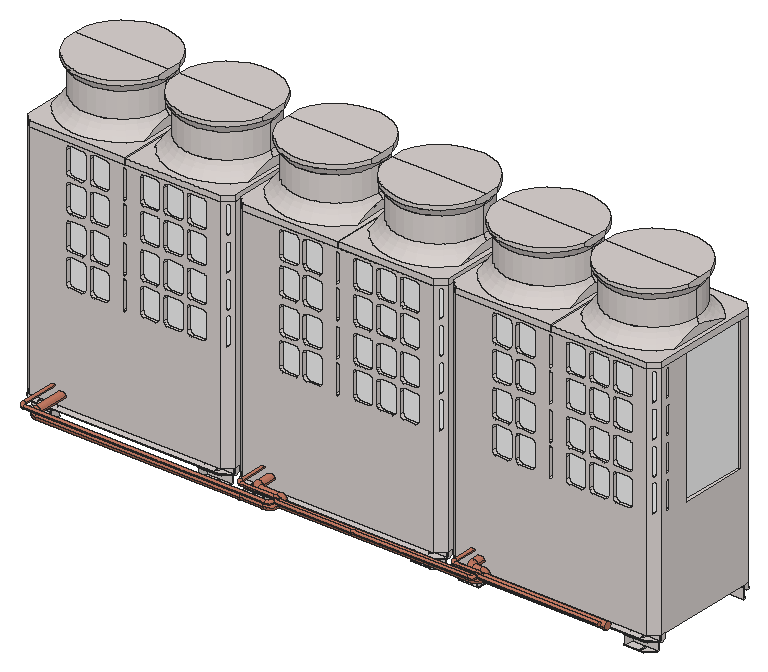
Revit family "PUHY-P1100YSNW-A1", category 機械設備, Revit 2016 (continued)
Definition of nested family "PUHY-P350YNW-A1"
  Dimensions and locks
    Extrusion 21 sketch curve to Extrusion 21 sketch curve = 170.800 mm
    plane 3 "Center (Left/Right)" to cut or joined group 1 (Extrusion 1, Extrusion 2, Extrusion 3, Extrusion 4, Extrusion 5, Extrusion 6, Extrusion 7, Extrusion 8, Extrusion 9, Extrusion 10, Extrusion 11, Extrusion 12, Extrusion 13, Extrusion 14, Extrusion 15, Extrusion 16, Extrusion 17, Extrusion 18, Extrusion 19, Extrusion 20, Extrusion 21, Extrusion 22, Extrusion 23, Extrusion 24, Extrusion 25, Extrusion 26, Extrusion 27, Extrusion 28, Extrusion 29, Extrusion 30, Extrusion 31, Extrusion 32, Extrusion 33) = 620.000 mm
    cut or joined group 1 to plane 3 "Center (Left/Right)" = 620.000 mm
    Extrusion 1 sketch curve to Extrusion 1 sketch curve = 1240.000 mm
    cut or joined group 1 to plane 8 = 185.000 mm
    cut or joined group 1 to plane 7 = 166.000 mm
    cut or joined group 1 to plane 6 = 110.000 mm
    cut or joined group 1 to plane 12 to cut or joined group 1 = 805.000 mm, 621.000 mm
    plane 5 to plane 2 = 1858.000 mm  (x2)
    cut or joined group 1 to plane 19 "132" = 132.000 mm
    cut or joined group 1 to plane 22 = 207.000 mm
    cut or joined group 1 to plane 23 = 256.000 mm
    cut or joined group 1 to plane 6 = 60.000 mm
    cut or joined group 1 to cut or joined group 1 = 42.154 mm
    cut or joined group 1 to cut or joined group 1 = 11.895 mm
    nested 1 to nested 3 to level = 1798.000 mm, 60.000 mm
    nested 1 to nested 1 = 303.000 mm
    nested 1 to nested 3 = 1495.000 mm
    nested 8 to nested 8 to nested 8 to nested 7 to nested 7 to nested 7 = 54.000 mm, 20.000 mm, 592.000 mm, 20.000 mm, 54.000 mm
    nested 3 to nested 3 = 56.000 mm
    plane 11 to plane 31 to plane 32 to cut or joined group 1 = 90.000 mm, 1060.000 mm, 90.000 mm
    curve 103 to nested 7 = 90.000 mm
    curve 104 to nested 7 = 125.000 mm
    curve 101 to nested 7 = 100.000 mm
    curve 11 to curve 13 to nested 7 = 84.000 mm, 71.000 mm
    cut or joined group 1 to curve 12 to curve 14 = 125.000 mm, 148.000 mm
    nested 2 to nested 7 = 1495.000 mm
    curve 87 to cut or joined group 1 = 152.000 mm
    curve 88 to cut or joined group 1 = 172.000 mm
    curve 89 to cut or joined group 1 = 216.000 mm
    cut or joined group 1 to curve 4 to curve 2 = 128.000 mm, 150.000 mm
    cut or joined group 1 to curve 1 to curve 3 = 79.000 mm, 94.000 mm
    Extrusion 32 sketch curve to nested 7 = 116.000 mm
    cut or joined group 1 to Extrusion 32 sketch curve = 160.000 mm
    cut or joined group 1 to Extrusion 33 sketch curve = 243.000 mm
    Extrusion 33 sketch curve to nested 7 = 116.000 mm
    cut or joined group 1 to cut or joined group 1 = 740.000 mm
    plane 30 to plane 4 = 740.000 mm
    aligned and locked: level to plane 2
    aligned and locked: Extrusion 1 to plane 4
  Nested families
    nested 1: "FAN GUARD" at (-311.5, 2, 860), type "FAN GUARD"
      with WIDTH 870.000 mm
    nested 2: "FAN GUARD" at (311.5, 2, 860) x (-1, 0, 0) z (0, 0, 1), type "FAN GUARD"
      with WIDTH 870.000 mm
    nested 3: "ATTACHMENT LEG" at (-524, -349, 0), type "ATTACHMENT LEG"
    nested 4: "ATTACHMENT LEG" at (-524, 349, 0), type "ATTACHMENT LEG"
    nested 5: "ATTACHMENT LEG" at (524, -349, 0) x (-1, 0, 0) z (0, 0, 1), type "ATTACHMENT LEG"
    nested 6: "ATTACHMENT LEG" at (524, 349, 0) x (-1, 0, 0) z (0, 0, 1), type "ATTACHMENT LEG"
    nested 7: "BASE LEG_L_" at (0, -352, 60), type "BASE LEG_L_"
      with Width 1240.000 mm
    nested 8: "BASE LEG_L_" at (0, 352, 60), type "BASE LEG_L_"
      with Width 1240.000 mm
  Connectors
    piping at (-460, -191, 176), diameter 25.4, driven by "Liquid pipe_radius"
      settings: on cut or joined group 1, index 3, connector inside diameter 25.4 mm, connector length 0.000 mm, flow factor 0, pipe flow 0.0 L/s, pressure drop 0.0 Pa, fitting loss kfactor 0, connector angle 0.00°, fixture units 0, engagement length 0.000 mm, angle of deflection 0.00°, flow configuration 0, flow direction 0, fitting loss method 0, system type 22, joint type 0, gender type 0, connector reference index -1, connector utility 0, adjustable connector no, is connector primary yes, connector description "Refrigerant service valve<Liquid pipe>"
    piping at (-377, -191, 176), diameter 28.58, driven by "Gas pipe_radius"
      settings: on cut or joined group 1, index 4, connector inside diameter 28.58 mm, connector length 0.000 mm, flow factor 0, pipe flow 0.0 L/s, pressure drop 0.0 Pa, fitting loss kfactor 0, connector angle 0.00°, fixture units 0, engagement length 0.000 mm, angle of deflection 0.00°, flow configuration 0, flow direction 0, fitting loss method 0, system type 22, joint type 0, gender type 0, connector reference index -1, connector utility 0, adjustable connector no, is connector primary no, connector description "Refrigerant service valve<Gas>"
    electrical at (0, -370, 808)
      settings: on cut or joined group 1, index 5, voltage 0 V, apparent load 0 VA, apparent load phase1 0 VA, apparent load phase2 0 VA, apparent load phase3 0 VA, power factor 1, load classification none, number of poles 1, system type 30, power factor state 1, is connector primary yes, connector utility no, sub classification motor no, connector description ""
  Definition of nested family "FAN GUARD"
    Parameters
      WIDTH [instance] = 870.000 mm
    Reference planes
      plane 1 "中心(正面/背面)": y = -2
      plane 2: z = 0
      plane 3 "ファンガード基準面": z = 661
      plane 4: y = 368
      plane 5: x = 366
      plane 6: x = -375
      plane 7 "ファンガード基準上面": z = 695
      plane 8 "ファンガード上面": z = 998
      plane 9: x = -273.971
      plane 10: x = 308.5
      plane 11: x = -308.5
      plane 12: x = 0
    Forms (mm)
      Extrusion 1, solid
        sketch origin (85, 0, 661) x (-1, 0, 0) y (0, -1, 0)
          loop
            line (343.5, -368) -> (393.5, -318) -> (393.5, 322) -> (343.5, 372) -> (-223.5, 372) -> (-223.5, -368) -> (343.5, -368)
        from 0 to 34
      Revolve 2, solid
        sketch origin (0, -2, 0) x (1, 0, 0) y (0, 0, 1)
          loop
            line (0, 695) -> (0, 998) -> (-290, 998) -> (-290, 972.327) -> (-260, 928.372) -> (-260, 777.384)
            arc (-260, 777.384) -> (-290.651, 730.137) -> (-334.665, 695) r 175.882
            line (-334.665, 695) -> (0, 695)
          axis (0, 998) -> (0, 695)
        angle from 0 to 360
      Extrusion 3, void
        sketch origin (-840, 75, 695) x (-1, 0, 0) y (0, -1, 0)
          loop
            line (-410, -165) -> (-410, 315) -> (-561.253, 315) -> (-561.253, -165) -> (-410, -165)
        from -35 to 430.592
      Extrusion 4, void
        sketch origin (840, 75, 695) x (1, 0, 0) y (0, 1, 0)
          loop
            line (-410, 165) -> (-561.253, 165) -> (-561.253, -315) -> (-410, -315) -> (-410, 165)
        from 0 to 430.592
    Cuts and joins
      Extrusion 3, Extrusion 4 cuts Revolve 2
      Extrusion 4 cuts Extrusion 1
    Lines and regions (mm)
      model lines
        curve 1: line (-278.747, 0, 998) -> (-80, 0, 998)
        curve 2: line (80, 0, 998) -> (278.747, 0, 998)
        curve 3: circle (0, 0, 998) r 80 normal (0, 0, 1)
        curve 4: line (-278.747, -80, 998) -> (278.747, -80, 998)
        curve 5: line (-241.868, -160, 998) -> (241.868, -160, 998)
        curve 6: line (-162.788, -240, 998) -> (162.788, -240, 998)
        curve 7: line (-278.747, 80, 998) -> (278.747, 80, 998)
        curve 8: line (-241.868, 160, 998) -> (240, 160, 998)
        curve 9: line (-160, 240, 998) -> (162.788, 240, 998)
        curve 10: line (0, 290, 998) -> (0, -290, 998)
        curve 11: line (-20, 289.31, 998) -> (-20, -289.31, 998)
        curve 12: line (-40, 287.228, 998) -> (-40, -287.228, 998)
        curve 13: line (-60, 283.725, 998) -> (-60, -283.725, 998)
        curve 14: line (-80, 278.747, 998) -> (-80, -278.747, 998)
        curve 15: line (20, 289.31, 998) -> (20, -289.31, 998)
        curve 16: line (40, 287.228, 998) -> (40, -287.228, 998)
        curve 17: line (60, 283.725, 998) -> (60, -283.725, 998)
        curve 18: line (80, 278.747, 998) -> (80, -278.747, 998)
        curve 19: line (100, 272.213, 998) -> (100, -272.213, 998)
        curve 20: line (120, 264.008, 998) -> (120, -264.008, 998)
        curve 21: line (140, 253.969, 998) -> (140, -253.969, 998)
        curve 22: line (160, 241.868, 998) -> (160, -243.132, 998)
        curve 23: line (180, 227.376, 998) -> (180, -227.624, 998)
        curve 24: line (200, 210, 998) -> (200, -210, 998)
        curve 25: line (220, 188.944, 998) -> (220, -188.944, 998)
        curve 26: line (240, 160, 998) -> (240, -162.788, 998)
        curve 27: line (260, 128.452, 998) -> (260, -128.452, 998)
        curve 28: line (-100, 272.213, 998) -> (-100, -272.213, 998)
        curve 29: line (-120, 264.008, 998) -> (-120, -264.008, 998)
        curve 30: line (-140, 253.969, 998) -> (-140, -253.969, 998)
        curve 31: line (-160, 240, 998) -> (-160, -241.868, 998)
        curve 32: line (-180, 227.376, 998) -> (-180, -227.376, 998)
        curve 33: line (-200, 210, 998) -> (-200, -210, 998)
        curve 34: line (-220, 188.944, 998) -> (-220, -188.944, 998)
        curve 35: line (-240, 162.788, 998) -> (-240, -162.788, 998)
        curve 36: line (-260, 128.452, 998) -> (-260, -128.452, 998)
        curve 37: line (10, 79.373, 998) -> (10, -79.373, 998)
        curve 38: line (-10, 79.373, 998) -> (-10, -79.373, 998)
        curve 39: line (30, 74.162, 998) -> (30, -74.162, 998)
        curve 40: line (50, 62.45, 998) -> (50, -62.45, 998)
        curve 41: line (70, 38.73, 998) -> (70, -38.73, 998)
        curve 42: line (-30, 74.162, 998) -> (-30, -74.162, 998)
        curve 43: line (-50, 62.45, 998) -> (-50, -62.45, 998)
        curve 44: line (-70, 38.73, 998) -> (-70, -38.73, 998)
    Dimensions and locks
      locked: plane 8 "ファンガード上面" to plane 7 "ファンガード基準上面" at 303
      plane 8 "ファンガード上面" to plane 3 "ファンガード基準面" = 337.000 mm
      Revolve 2 sketch curve to Revolve 2 sketch curve = 290.000 mm
      Extrusion 1 sketch curve to Extrusion 1 sketch curve = 740.000 mm
      equal spacing: Extrusion 1 sketch curve, plane 1 "中心(正面/背面)", Extrusion 1 sketch curve
      plane 6 to plane 5 = 741.000 mm
      Extrusion 1 sketch curve to Extrusion 1 sketch curve = 617.000 mm
      plane 11 to plane 10 = 617.000 mm
      cut or joined group of Extrusion 1, Extrusion 4 to cut or joined group of Extrusion 1, Extrusion 4 = 617.000 mm
      cut or joined group of Extrusion 1, Extrusion 4 to cut or joined group of Extrusion 1, Extrusion 4 = 740.000 mm
      aligned and locked: level to plane 2
      aligned and locked: plane 7 "ファンガード基準上面" to Extrusion 1
      aligned and locked: plane 3 "ファンガード基準面" to Extrusion 1
      aligned and locked: cut or joined group of Revolve 2, Extrusion 3, Extrusion 4 to plane 8 "ファンガード上面"
  Definition of nested family "ATTACHMENT LEG"
    Parameters
      Width = 145.000 mm
    Reference planes
      plane 1: z = 0
      plane 2 "中心(左/右)": x = -6
      plane 3: x = -52
      plane 4: x = 85
      plane 5: x = 93
      plane 6: y = -21
      plane 7: y = 27
      plane 8: x = -30
      plane 9: y = 39
      plane 10: z = 60
      plane 11: z = 57
      plane 12: z = 3
      plane 13: x = 82
      plane 14: y = 36
      plane 15: x = -75
      plane 16: y = 31
      plane 17 "幅": x = 93
      plane 18: y = 2.5
      plane 19: y = 21
      plane 20: y = -10
    Forms (mm)
      Extrusion 1, solid
        sketch origin (0, -1, 0) x (1, 0, 0) y (0, 1, 0)
          loop
            line (-75, 36) -> (-75, 27) -> (-28, -20) -> (93, -20) -> (93, 32) -> (85, 32) -> (85, 36) -> (-75, 36)
        from 0 to 60
      Extrusion 2, void
        sketch origin (0, -3, 0) x (1, 0, 0) y (0, 0, 1)
          loop
            line (-75, 57) -> (-75, 3) -> (82, 3) -> (82, 57) -> (-75, 57)
          loop
            line (93, 57) -> (85, 57) -> (85, 3) -> (93, 3) -> (93, 57)
        from -35 to 18
      Extrusion 3, void
        sketch origin (-6, 5.5, 0) x (1, 0, 0) y (0, 1, 0)
          loop
            arc (-7, -8.5) -> (0, -15.5) -> (7, -8.5) r 7
            line (7, -8.5) -> (7, 8.5)
            arc (7, 8.5) -> (0, 15.5) -> (-7, 8.5) r 7
            line (-7, 8.5) -> (-7, -8.5)
        from 0 to 60
    Cuts and joins
      Extrusion 2, Extrusion 3 cuts Extrusion 1
    Dimensions and locks
      locked: plane 3 to plane 4 at 137
      locked: plane 3 to plane 5 at 145
      plane 6 to plane 7 = 48.000 mm
      locked: plane 10 to level at 60
      Extrusion 3 sketch curve to plane 2 "中心(左/右)" = 7.000 mm
      locked: plane 15 to plane 2 "中心(左/右)" at 69
      locked: plane 15 to plane 8 at 45
      locked: plane 6 to plane 18 at 23.5
      cut or joined group of Extrusion 1, Extrusion 2, Extrusion 3 to cut or joined group of Extrusion 1, Extrusion 2, Extrusion 3 = 168.000 mm
      cut or joined group of Extrusion 1, Extrusion 2, Extrusion 3 to cut or joined group of Extrusion 1, Extrusion 2, Extrusion 3 = 56.000 mm  (x2)
      plane 14 to plane 6 = 57.000 mm
      aligned and locked: level to plane 1
      aligned and locked: Extrusion 1 sketch curve to plane 4
      aligned and locked: Extrusion 1 sketch curve to plane 5
      aligned: plane 8 to Extrusion 1 sketch curve
      aligned and locked: plane 10 to Extrusion 1
      aligned and locked: Extrusion 2 sketch curve to plane 11
      aligned: plane 3 to Extrusion 2 sketch curve
      aligned and locked: plane 12 to Extrusion 2 sketch curve
      aligned and locked: Extrusion 2 sketch curve to plane 13
      aligned and locked: plane 6 to Extrusion 2
      aligned and locked: plane 11 to Extrusion 2 sketch curve
      aligned and locked: plane 5 to Extrusion 2 sketch curve
      aligned and locked: Extrusion 2 sketch curve to plane 12
      aligned and locked: Extrusion 2 sketch curve to plane 4
      aligned and locked: plane 15 to Extrusion 1 sketch curve
      aligned and locked: Extrusion 2 sketch curve to cut or joined group of Extrusion 1, Extrusion 2, Extrusion 3
      aligned and locked: Extrusion 1 to plane 16
  Definition of nested family "BASE LEG_L_"
    Parameters
      Width [instance] = 1240.000 mm
    Reference planes
      plane 1 "中心(正面/背面)": y = 0
      plane 2: z = 0
      plane 3 "中心(左/右)": x = 0
      plane 4: x = 620
      plane 5: x = -620
      plane 6: x = -530
      plane 7: x = 530
      plane 8: y = -18
      plane 9: y = 39
      plane 10: z = 53
      plane 11: y = 42
      plane 12: y = 27
      plane 13: x = 575
      plane 14: x = -575
      plane 15: z = 8
      plane 16: y = 11.5
      plane 17: z = 35
    Forms (mm)
      Extrusion 1, solid
        sketch origin (0, 0, 0) x (0, 1, 0) y (0, 0, 1)
          loop
            line (-18, 0) -> (36, 0) -> (36, 32) -> (56, 32) -> (56, 35) -> (33, 35) -> (33, 3) -> (-18, 3) -> (-18, 0)
        from -620 to 620
      Extrusion 2, void
        sketch origin (0, 0, 0) x (1, 0, 0) y (0, 1, 0)
          loop
            line (575, -18) -> (620, -18) -> (620, 27) -> (575, -18)
          loop
            line (-575, -18) -> (-620, 27) -> (-620, -18) -> (-575, -18)
        from 0 to 250
      Extrusion 3, void
        sketch origin (0, 12.023, 0) x (1, 0, 0) y (0, 1, 0)
          loop
            arc (523, -2.971) -> (530, -9.971) -> (537, -2.971) r 7
            line (537, -2.971) -> (537, 3.023)
            arc (537, 3.023) -> (530, 10.023) -> (523, 3.023) r 7
            line (523, 3.023) -> (523, -2.971)
          loop
            line (-523, -2.971) -> (-523, 3.023)
            arc (-523, 3.023) -> (-530, 10.023) -> (-537, 3.023) r 7
            line (-537, 3.023) -> (-537, -2.971)
            arc (-537, -2.971) -> (-530, -9.971) -> (-523, -2.971) r 7
        from 0 to 250
      Extrusion 4, solid
        sketch origin (0, 0, -3) x (1, 0, 0) y (0, 0, 1)
          loop
            line (617, 8) -> (620, 8) -> (620, 35) -> (617, 35) -> (617, 8)
          loop
            line (-617, 8) -> (-617, 35) -> (-620, 35) -> (-620, 8) -> (-617, 8)
        from -36 to -56
      Extrusion 5, solid
        sketch origin (150, 352, 0) x (1, 0, 0) y (0, 1, 0)
          loop
            line (460, -319) -> (455, -319) -> (455, -320) -> (405, -370) -> (410, -370) -> (460, -320) -> (460, -319)
        from 3 to 35
      Extrusion 6, void
        sketch origin (560, -18, 0) x (0.707107, 0.707107, 0) y (0, 0, 1)
          loop
            line (70.711, 3) -> (-6.741, 39.767) -> (-6.741, 3) -> (70.711, 3)
        from -190.256 to 23.776
      Extrusion 7, solid
        sketch origin (-150, 352, 0) x (-1, 0, 0) y (0, -1, 0)
          loop
            line (460, 319) -> (460, 320) -> (410, 370) -> (405, 370) -> (455, 320) -> (455, 319) -> (460, 319)
        from 3 to 35
      Extrusion 8, void
        sketch origin (-560, -18, 0) x (0.707107, -0.707107, 0) y (0, 0, -1)
          loop
            line (-70.711, -3) -> (0, -35) -> (6.741, -35) -> (6.741, -3) -> (-70.711, -3)
        from -190.256 to 23.776
    Cuts and joins
      Extrusion 2, Extrusion 3 cuts Extrusion 1
      joined: Extrusion 1, Extrusion 4
      Extrusion 8 cuts Extrusion 7
      Extrusion 6 cuts Extrusion 5
    Dimensions and locks
      "Width": plane 5 to plane 4
      equal spacing: plane 5, plane 3 "中心(左/右)", plane 4
      locked: plane 5 to plane 6 at 90
      locked: plane 7 to plane 4 at 90
      locked: plane 8 to plane 9 at 57
      locked: plane 10 to level at 53
      locked: plane 9 to plane 11 at 3
      plane 8 to plane 12 = 45.000 mm
      locked: plane 13 to plane 4 at 45
      locked: plane 5 to plane 14 at 45
      equal spacing: Extrusion 3 sketch curve, plane 7, Extrusion 3 sketch curve
      equal spacing: Extrusion 3 sketch curve, plane 6, Extrusion 3 sketch curve
      locked: plane 10 to plane 15 at 45
      locked: cut or joined group of Extrusion 1, Extrusion 2, Extrusion 3, Extrusion 4 to Extrusion 4 sketch curve at 3  (x2)
      locked: plane 8 to plane 16 at 29.5
      plane 8 to plane 11 = 60.000 mm
      cut or joined group of Extrusion 1, Extrusion 2, Extrusion 3, Extrusion 4 to cut or joined group of Extrusion 1, Extrusion 2, Extrusion 3, Extrusion 4 = 35.000 mm
      aligned and locked: level to plane 2
      aligned and locked: plane 8 to Extrusion 1 sketch curve
      aligned and locked: plane 4 to Extrusion 1
      aligned and locked: Extrusion 1 to plane 5
      aligned and locked: Extrusion 2 sketch curve to plane 4
      aligned and locked: Extrusion 2 sketch curve to plane 8
      aligned and locked: plane 12 to Extrusion 2 sketch curve
      aligned and locked: plane 13 to Extrusion 2 sketch curve
      aligned and locked: plane 4 to Extrusion 4 sketch curve
      aligned and locked: plane 5 to Extrusion 4 sketch curve
      aligned and locked: cut or joined group of Extrusion 7, Extrusion 8 to cut or joined group of Extrusion 1, Extrusion 2, Extrusion 3, Extrusion 4
    Automatic sketch dimensions
      Extrusion 3 sketch curve to plane 1 "中心(正面/背面)" = 9.052 mm  (x2)
      Extrusion 3 sketch curve to plane 7 = 7.000 mm
      Extrusion 3 sketch curve to plane 1 "中心(正面/背面)" = 15.046 mm  (x2)
      Extrusion 3 sketch curve to plane 6 = 7.000 mm
      Extrusion 2 sketch curve to plane 5 = 0.000 mm
      plane 8 to Extrusion 2 sketch curve = 0.000 mm
      Extrusion 2 sketch curve to plane 14 = 0.000 mm
      plane 12 to Extrusion 2 sketch curve = 0.000 mm
      Extrusion 4 sketch curve to plane 10 = 21.000 mm
      plane 7 to Extrusion 5 sketch curve = 25.000 mm
      Extrusion 5 sketch curve to Extrusion 5 sketch curve = 5.000 mm  (x2)
      plane 7 to Extrusion 5 sketch curve = 75.000 mm
      plane 8 to Extrusion 5 sketch curve = 0.000 mm
      Extrusion 5 sketch curve to Extrusion 5 sketch curve = 50.000 mm
      Extrusion 5 sketch curve to Extrusion 5 sketch curve = 0.000 mm
      Extrusion 5 sketch curve to Extrusion 5 sketch curve = 1.000 mm
      Extrusion 6 sketch curve to Extrusion 5 = 0.000 mm  (x2)
      Extrusion 6 sketch curve to Extrusion 5 = 6.741 mm
      Extrusion 6 sketch curve to Extrusion 5 = 4.767 mm
      plane 6 to Extrusion 7 sketch curve = 25.000 mm
      Extrusion 7 sketch curve to Extrusion 7 sketch curve = 5.000 mm  (x2)
      Extrusion 7 sketch curve to Extrusion 7 sketch curve = 45.000 mm
      Extrusion 7 sketch curve to plane 8 = 0.000 mm
      Extrusion 7 sketch curve to Extrusion 7 sketch curve = 50.000 mm
      Extrusion 7 sketch curve to Extrusion 7 sketch curve = 0.000 mm
      Extrusion 7 sketch curve to Extrusion 7 sketch curve = 1.000 mm
      Extrusion 8 sketch curve to Extrusion 7 = 0.000 mm  (x2)
      Extrusion 7 to Extrusion 8 sketch curve = 0.000 mm  (x2)
      Extrusion 7 to Extrusion 8 sketch curve = 6.741 mm
      Extrusion 4 sketch curve to plane 17 = 3.000 mm
      Extrusion 4 sketch curve to plane 15 = 3.000 mm  (x2)
      Extrusion 1 sketch curve to plane 17 = 0.000 mm
      Extrusion 1 sketch curve to level = 0.000 mm
      level to Extrusion 1 sketch curve = 3.000 mm
      plane 9 to Extrusion 1 sketch curve = 6.000 mm
      plane 9 to Extrusion 1 sketch curve = 3.000 mm
      Extrusion 1 sketch curve to plane 17 = 3.000 mm
      Extrusion 1 sketch curve to plane 11 = 14.000 mm
Definition of nested family "PUHY-P400YNW-A1"
  Parameters
    Model = "PUHY-P400YNW-A"
    URL = "http://www.mitsubishielectric.com/"
    Manufacturer = "Mitsubishi Electric Corporation"
    Liquid pipe_radius = 12.700 mm
    Gas pipe_radius = 14.290 mm
  Reference planes
    plane 1 "Center (Front/Back)": y = 0
    plane 2: z = 0
    plane 3 "Center (Left/Right)": x = 0
    plane 4: y = 370
    plane 5: z = 1858
    plane 6: y = -260
    plane 7: y = -204
    plane 8: y = -185
    plane 9: x = -620
    plane 10: x = 620
    plane 11: x = -620
    plane 12: z = 716
    plane 13: x = -524
    plane 14: z = 669
    plane 15: x = -50.5
    plane 16: x = 51
    plane 17: x = 489
    plane 18: x = 467
    plane 19 "132": x = 488
    plane 20 "100": z = 160
    plane 21: z = 185
    plane 22: x = 413
    plane 23: x = 364
    plane 24: z = 150
    plane 25: x = -287.25
    plane 26: x = -137.25
    plane 27: x = -272.25
    plane 28: y = -278
    plane 29: z = 1509
    plane 30: y = -370
    plane 31: x = -530
    plane 32: x = 530
    plane 33 "179": y = -191
  Forms (mm)
    Extrusion 1, solid
      sketch origin (-1, 0, 113) x (-1, 0, 0) y (0, -1, 0)
        loop
          line (569, -370) -> (619, -320) -> (619, 320) -> (569, 370) -> (-571, 370) -> (-621, 320) -> (-621, -320) -> (-571, -370) -> (569, -370)
      from -18 to 1408
    Extrusion 2, void
      sketch origin (524, -370, 113) x (1, 0, 0) y (0, 0, -1)
        loop
          arc (-60.8, -1393.5) -> (-42.557, -1385.943) -> (-35, -1367.7) r 25.8
          line (-35, -1367.7) -> (-35, -1248.5)
          arc (-35, -1248.5) -> (-42.557, -1230.257) -> (-60.8, -1222.7) r 25.8
          line (-60.8, -1222.7) -> (-126, -1222.7)
          arc (-126, -1222.7) -> (-144.243, -1230.257) -> (-151.8, -1248.5) r 25.8
          line (-151.8, -1248.5) -> (-151.8, -1367.7)
          arc (-151.8, -1367.7) -> (-144.243, -1385.943) -> (-126, -1393.5) r 25.8
          line (-126, -1393.5) -> (-60.8, -1393.5)
      from 0 to 20
    Extrusion 3, void
      sketch origin (524, -370, -81) x (1, 0, 0) y (0, 0, -1)
        loop
          arc (-60.8, -1393.5) -> (-42.557, -1385.943) -> (-35, -1367.7) r 25.8
          line (-35, -1367.7) -> (-35, -1248.5)
          arc (-35, -1248.5) -> (-42.557, -1230.257) -> (-60.8, -1222.7) r 25.8
          line (-60.8, -1222.7) -> (-126, -1222.7)
          arc (-126, -1222.7) -> (-144.243, -1230.257) -> (-151.8, -1248.5) r 25.8
          line (-151.8, -1248.5) -> (-151.8, -1367.7)
          arc (-151.8, -1367.7) -> (-144.243, -1385.943) -> (-126, -1393.5) r 25.8
          line (-126, -1393.5) -> (-60.8, -1393.5)
      from 0 to 20
    Extrusion 4, void
      sketch origin (524, -370, -287) x (1, 0, 0) y (0, 0, -1)
        loop
          arc (-60.8, -1393.5) -> (-42.557, -1385.943) -> (-35, -1367.7) r 25.8
          line (-35, -1367.7) -> (-35, -1248.5)
          arc (-35, -1248.5) -> (-42.557, -1230.257) -> (-60.8, -1222.7) r 25.8
          line (-60.8, -1222.7) -> (-126, -1222.7)
          arc (-126, -1222.7) -> (-144.243, -1230.257) -> (-151.8, -1248.5) r 25.8
          line (-151.8, -1248.5) -> (-151.8, -1367.7)
          arc (-151.8, -1367.7) -> (-144.243, -1385.943) -> (-126, -1393.5) r 25.8
          line (-126, -1393.5) -> (-60.8, -1393.5)
      from 0 to 20
    Extrusion 5, void
      sketch origin (524, -370, -481) x (1, 0, 0) y (0, 0, -1)
        loop
          arc (-60.8, -1393.5) -> (-42.557, -1385.943) -> (-35, -1367.7) r 25.8
          line (-35, -1367.7) -> (-35, -1248.5)
          arc (-35, -1248.5) -> (-42.557, -1230.257) -> (-60.8, -1222.7) r 25.8
          line (-60.8, -1222.7) -> (-126, -1222.7)
          arc (-126, -1222.7) -> (-144.243, -1230.257) -> (-151.8, -1248.5) r 25.8
          line (-151.8, -1248.5) -> (-151.8, -1367.7)
          arc (-151.8, -1367.7) -> (-144.243, -1385.943) -> (-126, -1393.5) r 25.8
          line (-126, -1393.5) -> (-60.8, -1393.5)
      from 0 to 20
    Extrusion 6, void
      sketch origin (384, -370, 113) x (1, 0, 0) y (0, 0, -1)
        loop
          arc (-60.8, -1393.5) -> (-42.557, -1385.943) -> (-35, -1367.7) r 25.8
          line (-35, -1367.7) -> (-35, -1248.5)
          arc (-35, -1248.5) -> (-42.557, -1230.257) -> (-60.8, -1222.7) r 25.8
          line (-60.8, -1222.7) -> (-126, -1222.7)
          arc (-126, -1222.7) -> (-144.243, -1230.257) -> (-151.8, -1248.5) r 25.8
          line (-151.8, -1248.5) -> (-151.8, -1367.7)
          arc (-151.8, -1367.7) -> (-144.243, -1385.943) -> (-126, -1393.5) r 25.8
          line (-126, -1393.5) -> (-60.8, -1393.5)
      from 0 to 20
    Extrusion 7, void
      sketch origin (384, -370, -81) x (1, 0, 0) y (0, 0, -1)
        loop
          arc (-60.8, -1393.5) -> (-42.557, -1385.943) -> (-35, -1367.7) r 25.8
          line (-35, -1367.7) -> (-35, -1248.5)
          arc (-35, -1248.5) -> (-42.557, -1230.257) -> (-60.8, -1222.7) r 25.8
          line (-60.8, -1222.7) -> (-126, -1222.7)
          arc (-126, -1222.7) -> (-144.243, -1230.257) -> (-151.8, -1248.5) r 25.8
          line (-151.8, -1248.5) -> (-151.8, -1367.7)
          arc (-151.8, -1367.7) -> (-144.243, -1385.943) -> (-126, -1393.5) r 25.8
          line (-126, -1393.5) -> (-60.8, -1393.5)
      from 0 to 20
    Extrusion 8, void
      sketch origin (384, -370, -287) x (1, 0, 0) y (0, 0, -1)
        loop
          arc (-60.8, -1393.5) -> (-42.557, -1385.943) -> (-35, -1367.7) r 25.8
          line (-35, -1367.7) -> (-35, -1248.5)
          arc (-35, -1248.5) -> (-42.557, -1230.257) -> (-60.8, -1222.7) r 25.8
          line (-60.8, -1222.7) -> (-126, -1222.7)
          arc (-126, -1222.7) -> (-144.243, -1230.257) -> (-151.8, -1248.5) r 25.8
          line (-151.8, -1248.5) -> (-151.8, -1367.7)
          arc (-151.8, -1367.7) -> (-144.243, -1385.943) -> (-126, -1393.5) r 25.8
          line (-126, -1393.5) -> (-60.8, -1393.5)
      from 0 to 20
    Extrusion 9, void
      sketch origin (384, -370, -481) x (1, 0, 0) y (0, 0, -1)
        loop
          arc (-60.8, -1393.5) -> (-42.557, -1385.943) -> (-35, -1367.7) r 25.8
          line (-35, -1367.7) -> (-35, -1248.5)
          arc (-35, -1248.5) -> (-42.557, -1230.257) -> (-60.8, -1222.7) r 25.8
          line (-60.8, -1222.7) -> (-126, -1222.7)
          arc (-126, -1222.7) -> (-144.243, -1230.257) -> (-151.8, -1248.5) r 25.8
          line (-151.8, -1248.5) -> (-151.8, -1367.7)
          arc (-151.8, -1367.7) -> (-144.243, -1385.943) -> (-126, -1393.5) r 25.8
          line (-126, -1393.5) -> (-60.8, -1393.5)
      from 0 to 20
    Extrusion 10, void
      sketch origin (244, -370, 113) x (1, 0, 0) y (0, 0, -1)
        loop
          arc (-60.8, -1393.5) -> (-42.557, -1385.943) -> (-35, -1367.7) r 25.8
          line (-35, -1367.7) -> (-35, -1248.5)
          arc (-35, -1248.5) -> (-42.557, -1230.257) -> (-60.8, -1222.7) r 25.8
          line (-60.8, -1222.7) -> (-126, -1222.7)
          arc (-126, -1222.7) -> (-144.243, -1230.257) -> (-151.8, -1248.5) r 25.8
          line (-151.8, -1248.5) -> (-151.8, -1367.7)
          arc (-151.8, -1367.7) -> (-144.243, -1385.943) -> (-126, -1393.5) r 25.8
          line (-126, -1393.5) -> (-60.8, -1393.5)
      from 0 to 20
    Extrusion 11, void
      sketch origin (244, -370, -81) x (1, 0, 0) y (0, 0, -1)
        loop
          arc (-60.8, -1393.5) -> (-42.557, -1385.943) -> (-35, -1367.7) r 25.8
          line (-35, -1367.7) -> (-35, -1248.5)
          arc (-35, -1248.5) -> (-42.557, -1230.257) -> (-60.8, -1222.7) r 25.8
          line (-60.8, -1222.7) -> (-126, -1222.7)
          arc (-126, -1222.7) -> (-144.243, -1230.257) -> (-151.8, -1248.5) r 25.8
          line (-151.8, -1248.5) -> (-151.8, -1367.7)
          arc (-151.8, -1367.7) -> (-144.243, -1385.943) -> (-126, -1393.5) r 25.8
          line (-126, -1393.5) -> (-60.8, -1393.5)
      from 0 to 20
    Extrusion 12, void
      sketch origin (244, -370, -287) x (1, 0, 0) y (0, 0, -1)
        loop
          arc (-60.8, -1393.5) -> (-42.557, -1385.943) -> (-35, -1367.7) r 25.8
          line (-35, -1367.7) -> (-35, -1248.5)
          arc (-35, -1248.5) -> (-42.557, -1230.257) -> (-60.8, -1222.7) r 25.8
          line (-60.8, -1222.7) -> (-126, -1222.7)
          arc (-126, -1222.7) -> (-144.243, -1230.257) -> (-151.8, -1248.5) r 25.8
          line (-151.8, -1248.5) -> (-151.8, -1367.7)
          arc (-151.8, -1367.7) -> (-144.243, -1385.943) -> (-126, -1393.5) r 25.8
          line (-126, -1393.5) -> (-60.8, -1393.5)
      from 0 to 20
    Extrusion 13, void
      sketch origin (244, -370, -481) x (1, 0, 0) y (0, 0, -1)
        loop
          arc (-60.8, -1393.5) -> (-42.557, -1385.943) -> (-35, -1367.7) r 25.8
          line (-35, -1367.7) -> (-35, -1248.5)
          arc (-35, -1248.5) -> (-42.557, -1230.257) -> (-60.8, -1222.7) r 25.8
          line (-60.8, -1222.7) -> (-126, -1222.7)
          arc (-126, -1222.7) -> (-144.243, -1230.257) -> (-151.8, -1248.5) r 25.8
          line (-151.8, -1248.5) -> (-151.8, -1367.7)
          arc (-151.8, -1367.7) -> (-144.243, -1385.943) -> (-126, -1393.5) r 25.8
          line (-126, -1393.5) -> (-60.8, -1393.5)
      from 0 to 20
    Extrusion 14, void
      sketch origin (-56, -370, 113) x (1, 0, 0) y (0, 0, -1)
        loop
          arc (-60.8, -1393.5) -> (-42.557, -1385.943) -> (-35, -1367.7) r 25.8
          line (-35, -1367.7) -> (-35, -1248.5)
          arc (-35, -1248.5) -> (-42.557, -1230.257) -> (-60.8, -1222.7) r 25.8
          line (-60.8, -1222.7) -> (-126, -1222.7)
          arc (-126, -1222.7) -> (-144.243, -1230.257) -> (-151.8, -1248.5) r 25.8
          line (-151.8, -1248.5) -> (-151.8, -1367.7)
          arc (-151.8, -1367.7) -> (-144.243, -1385.943) -> (-126, -1393.5) r 25.8
          line (-126, -1393.5) -> (-60.8, -1393.5)
      from 0 to 20
    Extrusion 15, void
      sketch origin (-56, -370, -81) x (1, 0, 0) y (0, 0, -1)
        loop
          arc (-60.8, -1393.5) -> (-42.557, -1385.943) -> (-35, -1367.7) r 25.8
          line (-35, -1367.7) -> (-35, -1248.5)
          arc (-35, -1248.5) -> (-42.557, -1230.257) -> (-60.8, -1222.7) r 25.8
          line (-60.8, -1222.7) -> (-126, -1222.7)
          arc (-126, -1222.7) -> (-144.243, -1230.257) -> (-151.8, -1248.5) r 25.8
          line (-151.8, -1248.5) -> (-151.8, -1367.7)
          arc (-151.8, -1367.7) -> (-144.243, -1385.943) -> (-126, -1393.5) r 25.8
          line (-126, -1393.5) -> (-60.8, -1393.5)
      from 0 to 20
    Extrusion 16, void
      sketch origin (-56, -370, -287) x (1, 0, 0) y (0, 0, -1)
        loop
          arc (-60.8, -1393.5) -> (-42.557, -1385.943) -> (-35, -1367.7) r 25.8
          line (-35, -1367.7) -> (-35, -1248.5)
          arc (-35, -1248.5) -> (-42.557, -1230.257) -> (-60.8, -1222.7) r 25.8
          line (-60.8, -1222.7) -> (-126, -1222.7)
          arc (-126, -1222.7) -> (-144.243, -1230.257) -> (-151.8, -1248.5) r 25.8
          line (-151.8, -1248.5) -> (-151.8, -1367.7)
          arc (-151.8, -1367.7) -> (-144.243, -1385.943) -> (-126, -1393.5) r 25.8
          line (-126, -1393.5) -> (-60.8, -1393.5)
      from 0 to 20
    Extrusion 17, void
      sketch origin (-56, -370, -481) x (1, 0, 0) y (0, 0, -1)
        loop
          arc (-60.8, -1393.5) -> (-42.557, -1385.943) -> (-35, -1367.7) r 25.8
          line (-35, -1367.7) -> (-35, -1248.5)
          arc (-35, -1248.5) -> (-42.557, -1230.257) -> (-60.8, -1222.7) r 25.8
          line (-60.8, -1222.7) -> (-126, -1222.7)
          arc (-126, -1222.7) -> (-144.243, -1230.257) -> (-151.8, -1248.5) r 25.8
          line (-151.8, -1248.5) -> (-151.8, -1367.7)
          arc (-151.8, -1367.7) -> (-144.243, -1385.943) -> (-126, -1393.5) r 25.8
          line (-126, -1393.5) -> (-60.8, -1393.5)
      from 0 to 20
    Extrusion 18, void
      sketch origin (-196, -370, 113) x (1, 0, 0) y (0, 0, -1)
        loop
          arc (-60.8, -1393.5) -> (-42.557, -1385.943) -> (-35, -1367.7) r 25.8
          line (-35, -1367.7) -> (-35, -1248.5)
          arc (-35, -1248.5) -> (-42.557, -1230.257) -> (-60.8, -1222.7) r 25.8
          line (-60.8, -1222.7) -> (-126, -1222.7)
          arc (-126, -1222.7) -> (-144.243, -1230.257) -> (-151.8, -1248.5) r 25.8
          line (-151.8, -1248.5) -> (-151.8, -1367.7)
          arc (-151.8, -1367.7) -> (-144.243, -1385.943) -> (-126, -1393.5) r 25.8
          line (-126, -1393.5) -> (-60.8, -1393.5)
      from 0 to 20
    Extrusion 19, void
      sketch origin (-196, -370, -81) x (1, 0, 0) y (0, 0, -1)
        loop
          arc (-60.8, -1393.5) -> (-42.557, -1385.943) -> (-35, -1367.7) r 25.8
          line (-35, -1367.7) -> (-35, -1248.5)
          arc (-35, -1248.5) -> (-42.557, -1230.257) -> (-60.8, -1222.7) r 25.8
          line (-60.8, -1222.7) -> (-126, -1222.7)
          arc (-126, -1222.7) -> (-144.243, -1230.257) -> (-151.8, -1248.5) r 25.8
          line (-151.8, -1248.5) -> (-151.8, -1367.7)
          arc (-151.8, -1367.7) -> (-144.243, -1385.943) -> (-126, -1393.5) r 25.8
          line (-126, -1393.5) -> (-60.8, -1393.5)
      from 0 to 20
    Extrusion 20, void
      sketch origin (-196, -370, -287) x (1, 0, 0) y (0, 0, -1)
        loop
          arc (-60.8, -1393.5) -> (-42.557, -1385.943) -> (-35, -1367.7) r 25.8
          line (-35, -1367.7) -> (-35, -1248.5)
          arc (-35, -1248.5) -> (-42.557, -1230.257) -> (-60.8, -1222.7) r 25.8
          line (-60.8, -1222.7) -> (-126, -1222.7)
          arc (-126, -1222.7) -> (-144.243, -1230.257) -> (-151.8, -1248.5) r 25.8
          line (-151.8, -1248.5) -> (-151.8, -1367.7)
          arc (-151.8, -1367.7) -> (-144.243, -1385.943) -> (-126, -1393.5) r 25.8
          line (-126, -1393.5) -> (-60.8, -1393.5)
      from 0 to 20
    Extrusion 21, void
      sketch origin (-196, -370, -481) x (1, 0, 0) y (0, 0, -1)
        loop
          arc (-60.8, -1393.5) -> (-42.557, -1385.943) -> (-35, -1367.7) r 25.8
          line (-35, -1367.7) -> (-35, -1248.5)
          arc (-35, -1248.5) -> (-42.557, -1230.257) -> (-60.8, -1222.7) r 25.8
          line (-60.8, -1222.7) -> (-126, -1222.7)
          arc (-126, -1222.7) -> (-144.243, -1230.257) -> (-151.8, -1248.5) r 25.8
          line (-151.8, -1248.5) -> (-151.8, -1367.7)
          arc (-151.8, -1367.7) -> (-144.243, -1385.943) -> (-126, -1393.5) r 25.8
          line (-126, -1393.5) -> (-60.8, -1393.5)
      from 0 to 20
    Extrusion 22, void
      sketch origin (620, 320, 113) x (0, 1, 0) y (0, 0, -1)
        loop
          line (-462.3, -1408) -> (-50.8, -1408) -> (-50.8, -612) -> (-462.3, -612) -> (-462.3, -1408)
      from 0 to 20
    Extrusion 23, void
      sketch origin (-620, -320, 113) x (0, -1, 0) y (0, 0, -1)
        loop
          line (-535.7, -1408) -> (-207.7, -1408) -> (-207.7, -592) -> (-535.7, -592) -> (-535.7, -1408)
      from 0 to 20
    Extrusion 24, void
      sketch origin (194.892, 370, 113) x (-1, 0, 0) y (0, 0, -1)
        loop
          arc (204.892, -1225.013) -> (194.892, -1215.013) -> (184.892, -1225.013) r 10
          line (184.892, -1225.013) -> (184.892, -1379.987)
          arc (184.892, -1379.987) -> (194.892, -1389.987) -> (204.892, -1379.987) r 10
          line (204.892, -1379.987) -> (204.892, -1225.013)
        loop
          arc (204.892, -1031.013) -> (194.892, -1021.013) -> (184.892, -1031.013) r 10
          line (184.892, -1031.013) -> (184.892, -1185.987)
          arc (184.892, -1185.987) -> (194.892, -1195.987) -> (204.892, -1185.987) r 10
          line (204.892, -1185.987) -> (204.892, -1031.013)
        loop
          arc (204.892, -825.013) -> (194.892, -815.013) -> (184.892, -825.013) r 10
          line (184.892, -825.013) -> (184.892, -979.987)
          arc (184.892, -979.987) -> (194.892, -989.987) -> (204.892, -979.987) r 10
          line (204.892, -979.987) -> (204.892, -825.013)
        loop
          arc (204.892, -631.013) -> (194.892, -621.013) -> (184.892, -631.013) r 10
          line (184.892, -631.013) -> (184.892, -785.987)
          arc (184.892, -785.987) -> (194.892, -795.987) -> (204.892, -785.987) r 10
          line (204.892, -785.987) -> (204.892, -631.013)
      from 0 to 20
    Extrusion 25, void
      sketch origin (-570, 370, 113) x (0.707107, 0.707107, 0) y (0, 0, 1)
        loop
          arc (-45.355, 1236) -> (-35.355, 1226) -> (-25.355, 1236) r 10
          line (-25.355, 1236) -> (-25.355, 1386)
          arc (-25.355, 1386) -> (-35.355, 1396) -> (-45.355, 1386) r 10
          line (-45.355, 1386) -> (-45.355, 1236)
        loop
          arc (-45.355, 1036) -> (-35.355, 1026) -> (-25.355, 1036) r 10
          line (-25.355, 1036) -> (-25.355, 1186)
          arc (-25.355, 1186) -> (-35.355, 1196) -> (-45.355, 1186) r 10
          line (-45.355, 1186) -> (-45.355, 1036)
        loop
          arc (-45.355, 836) -> (-35.355, 826) -> (-25.355, 836) r 10
          line (-25.355, 836) -> (-25.355, 986)
          arc (-25.355, 986) -> (-35.355, 996) -> (-45.355, 986) r 10
          line (-45.355, 986) -> (-45.355, 836)
        loop
          arc (-45.355, 641) -> (-35.355, 631) -> (-25.355, 641) r 10
          line (-25.355, 641) -> (-25.355, 791)
          arc (-25.355, 791) -> (-35.355, 801) -> (-45.355, 791) r 10
          line (-45.355, 791) -> (-45.355, 641)
      from 0 to 20
    Extrusion 26, void
      sketch origin (-620, -320, 113) x (0, -1, 0) y (0, 0, -1)
        loop
          line (-607.846, -1035.895) -> (-607.846, -1186.105)
          arc (-607.846, -1186.105) -> (-597.846, -1196.105) -> (-587.846, -1186.105) r 10
          line (-587.846, -1186.105) -> (-587.846, -1035.895)
          arc (-587.846, -1035.895) -> (-597.846, -1025.895) -> (-607.846, -1035.895) r 10
        loop
          line (-607.846, -835.895) -> (-607.846, -986.105)
          arc (-607.846, -986.105) -> (-597.846, -996.105) -> (-587.846, -986.105) r 10
          line (-587.846, -986.105) -> (-587.846, -835.895)
          arc (-587.846, -835.895) -> (-597.846, -825.895) -> (-607.846, -835.895) r 10
        loop
          line (-607.846, -1235.895) -> (-607.846, -1386.105)
          arc (-607.846, -1386.105) -> (-597.846, -1396.105) -> (-587.846, -1386.105) r 10
          line (-587.846, -1386.105) -> (-587.846, -1235.895)
          arc (-587.846, -1235.895) -> (-597.846, -1225.895) -> (-607.846, -1235.895) r 10
        loop
          line (-607.846, -635.895) -> (-607.846, -786.105)
          arc (-607.846, -786.105) -> (-597.846, -796.105) -> (-587.846, -786.105) r 10
          line (-587.846, -786.105) -> (-587.846, -635.895)
          arc (-587.846, -635.895) -> (-597.846, -625.895) -> (-607.846, -635.895) r 10
      from 0 to 20
    Extrusion 27, void
      sketch origin (1079, -370, 113) x (1, 0, 0) y (0, 0, -1)
        loop
          arc (-1089, -1379.975) -> (-1079, -1389.975) -> (-1069, -1379.975) r 10
          line (-1069, -1379.975) -> (-1069, -1225)
          arc (-1069, -1225) -> (-1079, -1215) -> (-1089, -1225) r 10
          line (-1089, -1225) -> (-1089, -1379.975)
        loop
          arc (-1089, -1185.975) -> (-1079, -1195.975) -> (-1069, -1185.975) r 10
          line (-1069, -1185.975) -> (-1069, -1031)
          arc (-1069, -1031) -> (-1079, -1021) -> (-1089, -1031) r 10
          line (-1089, -1031) -> (-1089, -1185.975)
        loop
          arc (-1089, -979.975) -> (-1079, -989.975) -> (-1069, -979.975) r 10
          line (-1069, -979.975) -> (-1069, -825)
          arc (-1069, -825) -> (-1079, -815) -> (-1089, -825) r 10
          line (-1089, -825) -> (-1089, -979.975)
        loop
          arc (-1089, -785.975) -> (-1079, -795.975) -> (-1069, -785.975) r 10
          line (-1069, -785.975) -> (-1069, -631)
          arc (-1069, -631) -> (-1079, -621) -> (-1089, -631) r 10
          line (-1089, -631) -> (-1089, -785.975)
      from 0 to 20
    Extrusion 28, void
      sketch origin (-571, 370, 113) x (-1, 0, 0) y (0, 0, -1)
        loop
          line (-519.5, -1408) -> (-48, -1408) -> (-48, -556) -> (-519.5, -556) -> (-519.5, -1408)
      from 0 to 20
    Extrusion 29, void
      sketch origin (-571, 370, 113) x (-1, 0, 0) y (0, 0, -1)
        loop
          line (-1038, -1408) -> (-622, -1408) -> (-622, -556) -> (-1038, -556) -> (-1038, -1408)
      from 0 to 20
    Extrusion 30, void
      sketch origin (620, 320, 113) x (0, 1, 0) y (0, 0, -1)
        loop
          arc (-588, -1035.791) -> (-598, -1025.791) -> (-608, -1035.791) r 10
          line (-608, -1035.791) -> (-608, -1186)
          arc (-608, -1186) -> (-598, -1196) -> (-588, -1186) r 10
          line (-588, -1186) -> (-588, -1035.791)
        loop
          arc (-588, -835.791) -> (-598, -825.791) -> (-608, -835.791) r 10
          line (-608, -835.791) -> (-608, -986)
          arc (-608, -986) -> (-598, -996) -> (-588, -986) r 10
          line (-588, -986) -> (-588, -835.791)
        loop
          arc (-588, -1235.791) -> (-598, -1225.791) -> (-608, -1235.791) r 10
          line (-608, -1235.791) -> (-608, -1386)
          arc (-608, -1386) -> (-598, -1396) -> (-588, -1386) r 10
          line (-588, -1386) -> (-588, -1235.791)
        loop
          arc (-588, -635.791) -> (-598, -625.791) -> (-608, -635.791) r 10
          line (-608, -635.791) -> (-608, -786)
          arc (-608, -786) -> (-598, -796) -> (-588, -786) r 10
          line (-588, -786) -> (-588, -635.791)
      from 0 to 20
    Extrusion 31, void
      sketch origin (1291.751, 351.751, 113) x (0.707107, 0.707107, 0) y (0, 0, -1)
        loop
          line (-995.311, -1236) -> (-995.311, -1386)
          arc (-995.311, -1386) -> (-985.311, -1396) -> (-975.311, -1386) r 10
          line (-975.311, -1386) -> (-975.311, -1236)
          arc (-975.311, -1236) -> (-985.311, -1226) -> (-995.311, -1236) r 10
        loop
          line (-995.311, -1036) -> (-995.311, -1186)
          arc (-995.311, -1186) -> (-985.311, -1196) -> (-975.311, -1186) r 10
          line (-975.311, -1186) -> (-975.311, -1036)
          arc (-975.311, -1036) -> (-985.311, -1026) -> (-995.311, -1036) r 10
        loop
          line (-995.311, -836) -> (-995.311, -986)
          arc (-995.311, -986) -> (-985.311, -996) -> (-975.311, -986) r 10
          line (-975.311, -986) -> (-975.311, -836)
          arc (-975.311, -836) -> (-985.311, -826) -> (-995.311, -836) r 10
        loop
          line (-995.311, -641) -> (-995.311, -791)
          arc (-995.311, -791) -> (-985.311, -801) -> (-975.311, -791) r 10
          line (-975.311, -791) -> (-975.311, -641)
          arc (-975.311, -641) -> (-985.311, -631) -> (-995.311, -641) r 10
      from 0 to 20
    Extrusion 32, void
      sketch origin (0, -191, 0) x (-1, 0, 0) y (0, 0, 1)
        loop
          circle (460, 176) r 6.35
      from 0 to 78.7
    Extrusion 33, void
      sketch origin (0, -191, 0) x (-1, 0, 0) y (0, 0, 1)
        loop
          circle (377, 176) r 14.29
      from 0 to 78.7
  Cuts and joins
    Extrusion 2, Extrusion 3, Extrusion 4, Extrusion 5, Extrusion 6, Extrusion 7, Extrusion 8, Extrusion 9, Extrusion 10, Extrusion 11, Extrusion 12, Extrusion 13, Extrusion 14, Extrusion 15, Extrusion 16, Extrusion 17, Extrusion 18, Extrusion 19, Extrusion 20, Extrusion 21, Extrusion 22, Extrusion 23, Extrusion 24, Extrusion 25, Extrusion 26, Extrusion 27, Extrusion 28, Extrusion 29, Extrusion 30, Extrusion 31, Extrusion 32, Extrusion 33 cuts Extrusion 1
  Lines and regions (mm)
    model lines
      curve 1: line (-351, -291, 95) -> (-481, -291, 95)
      curve 2: line (-342, -206, 95) -> (-342, -282, 95)
